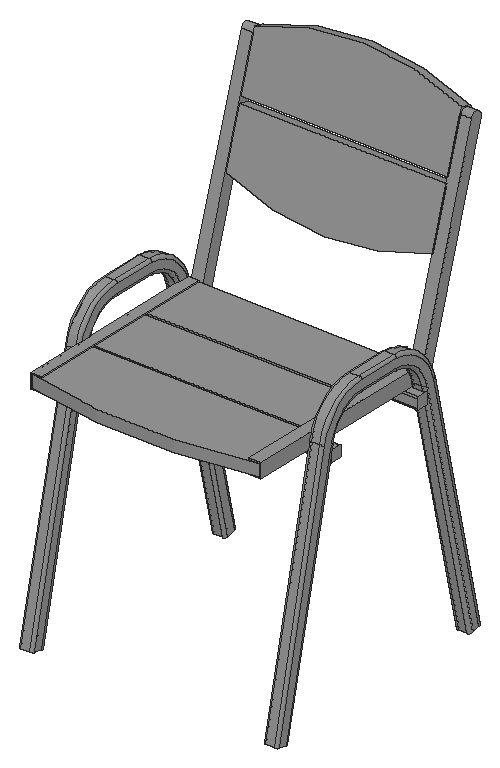
Revit family "Кресло «Петергоф» Арт 10266", category Антураж, Revit 2018
Family settings
  На основе рабочей плоскости = Нет
  Всегда вертикально = Да
  При загрузке вырезать с полостями = Нет
  Источник визуального образа = Геометрия семейства
  Общий = Нет
  Точка расчета площади = Нет
Parameters (values of type "Кресло «Петергоф»")
  Ширина = 500 mm  # constant formula
  Цвет опор = Сталь
  Цвет лавки = Дерево
  Описание = "Кресло «Петергоф»"  # constant formula
  Материал изделия = "Сталь, дерево"  # constant formula
  Type Comments = ""
  Type Image = Кресло «Петергоф» Арт 10266.jpg
  Изготовитель = "ООО «Хоббика»"  # constant formula
  Длина = 450 mm  # constant formula
  Группа модели = "Кресла садовые"  # constant formula
  Высота = 820 mm  # constant formula
  Артикул товара = "Арт. 10266"  # constant formula
  URL = "https://hobbyka.ru/product/kreslo_petergof/"
Reference planes
  plane 1 "По центру (Вперед/Назад)": y = 0
  plane 2: z = 0
  plane 3 "По центру (Влево/Вправо)": x = 0
  plane 4: x = 450
  plane 5: y = 500
  plane 6: z = 820
Forms (mm)
  Sweep 1, solid, material "Сталь" <- "Цвет опор"
    path origin (0, 0, 0) x (0, 1, 0) y (0, 0, 1)
      loop
        line (470.628, 0) -> (371.711, 428.459)
        arc (371.711, 428.459) -> (340.734, 478.164) -> (285.77, 498.392) r 90.259
        line (285.77, 498.392) -> (210.77, 498.392)
        arc (210.77, 498.392) -> (155.77, 478.373) -> (126.505, 427.685) r 85.565
        line (126.505, 427.685) -> (27.766, 0)
    profile origin (0, 248.27, 498.392) x (0, 0, -1) y (1, 0, 0)
      loop
        arc (0, 5) -> (1.464, 1.464) -> (5, 0) r 5
        line (5, 0) -> (20, 0)
        arc (20, 0) -> (23.536, 1.464) -> (25, 5) r 5
        line (25, 5) -> (25, 20)
        arc (25, 20) -> (23.536, 23.536) -> (20, 25) r 5
        line (20, 25) -> (5, 25)
        arc (5, 25) -> (1.464, 23.536) -> (0, 20) r 5
        line (0, 20) -> (0, 5)
      loop
        arc (0, 430) -> (1.464, 426.464) -> (5, 425) r 5
        line (5, 425) -> (20, 425)
        arc (20, 425) -> (23.536, 426.464) -> (25, 430) r 5
        line (25, 430) -> (25, 445)
        arc (25, 445) -> (23.536, 448.536) -> (20, 450) r 5
        line (20, 450) -> (5, 450)
        arc (5, 450) -> (1.464, 448.536) -> (0, 445) r 5
        line (0, 445) -> (0, 430)
  Extrusion 2, solid, material "Сталь" <- "Цвет опор"
    sketch origin (0, 0, -5) x (0, 1, 0) y (0, 0, 1)
      loop
        line (352.609, 400.541) -> (352.609, 416.541)
        arc (352.609, 416.541) -> (352.023, 417.955) -> (350.609, 418.541) r 2
        line (350.609, 418.541) -> (334.609, 418.541)
        arc (334.609, 418.541) -> (333.195, 417.955) -> (332.609, 416.541) r 2
        line (332.609, 416.541) -> (332.609, 400.541)
        arc (332.609, 400.541) -> (333.195, 399.126) -> (334.609, 398.541) r 2
        line (334.609, 398.541) -> (350.609, 398.541)
        arc (350.609, 398.541) -> (352.023, 399.126) -> (352.609, 400.541) r 2
      loop
        line (165.109, 400.541) -> (165.109, 416.541)
        arc (165.109, 416.541) -> (164.523, 417.955) -> (163.109, 418.541) r 2
        line (163.109, 418.541) -> (147.109, 418.541)
        arc (147.109, 418.541) -> (145.695, 417.955) -> (145.109, 416.541) r 2
        line (145.109, 416.541) -> (145.109, 400.541)
        arc (145.109, 400.541) -> (145.695, 399.126) -> (147.109, 398.541) r 2
        line (147.109, 398.541) -> (163.109, 398.541)
        arc (163.109, 398.541) -> (164.523, 399.126) -> (165.109, 400.541) r 2
    from 0 to 450
  Extrusion 3, solid, material "Сталь" <- "Цвет опор"
    sketch origin (0, 0, 0) x (1, 0, 0) y (0, 0, 1)
      loop
        line (25, 413.541) -> (45, 413.541) -> (45, 415.541) -> (27, 415.541) -> (27, 436.541) -> (45, 436.541) -> (45, 438.541) -> (25, 438.541) -> (25, 413.541)
      loop
        line (425, 413.541) -> (425, 438.541) -> (405, 438.541) -> (405, 436.541) -> (423, 436.541) -> (423, 415.541) -> (405, 415.541) -> (405, 413.541) -> (425, 413.541)
    from -22.776 to -363.885
  Extrusion 4, solid, material "Дерево" <- "Цвет лавки"
    sketch origin (0, 0, 0) x (1, 0, 0) y (0, 1, 0)
      loop
        line (27, 363.885) -> (27, 252.682) -> (423, 252.682) -> (423, 363.885) -> (27, 363.885)
      loop
        arc (27, 22.776) -> (225, 0) -> (423, 22.776) r 872.021
        line (423, 22.776) -> (423, 133.979) -> (27, 133.979) -> (27, 22.776)
      loop
        line (27, 247.682) -> (27, 138.979) -> (423, 138.979) -> (423, 247.682) -> (27, 247.682)
    from 415.541 to 436.541
  Extrusion 5, solid, material "Сталь" <- "Цвет опор"
    sketch origin (0, 0, 0) x (0, 1, 0) y (0, 0, 1)
      loop
        arc (500, 767.352) -> (493.455, 779.888) -> (480.918, 773.343) r 10
        line (480.918, 773.343) -> (361.098, 391.711) -> (380.18, 385.72) -> (500, 767.352)
    from 25 to 45
  Extrusion 6, solid, material "Сталь" <- "Цвет опор"
    sketch origin (0, 0, 0) x (0, 1, 0) y (0, 0, 1)
      loop
        arc (500, 767.352) -> (493.455, 779.888) -> (480.918, 773.343) r 10
        line (480.918, 773.343) -> (361.098, 391.711) -> (380.18, 385.72) -> (500, 767.352)
    from 405 to 425
  Extrusion 7, solid, material "Дерево" <- "Цвет лавки"
    sketch origin (0, 480.918, 773.343) x (0, -0.29955, -0.954081) y (1, 0, 0)
      loop
        arc (-10, 405) -> (-43.997, 225) -> (-10, 45) r 493.516
        line (-10, 45) -> (90, 45) -> (90, 405) -> (-10, 405)
      loop
        arc (200, 45) -> (233.997, 225) -> (200, 405) r 493.516
        line (200, 405) -> (100, 405) -> (100, 45) -> (200, 45)
    from 0 to -20
Dimensions and locks
  "Длина": plane 3 "По центру (Влево/Вправо)" to plane 4
  "Ширина": plane 5 to plane 1 "По центру (Вперед/Назад)"
  "Высота": plane 6 to plane 2
  aligned and locked: level to plane 2
Automatic sketch dimensions
  Sweep 1 sketch curve to level = 0 mm  (x2)
  Sweep 1 sketch curve to plane 1 "По центру (Вперед/Назад)" = 126.505 mm
  Sweep 1 sketch curve to Sweep 1 sketch curve = 84.265 mm
  Sweep 1 sketch curve to Sweep 1 sketch curve = 72.996 mm
  Sweep 1 sketch curve to Sweep 1 sketch curve = 75 mm
  Sweep 1 sketch curve to Sweep 1 sketch curve = 87.946 mm
  level to Sweep 1 sketch curve = 408.155 mm
  Sweep 1 sketch curve to Sweep 1 sketch curve = 4.672 mm
  Sweep 1 sketch curve to Sweep 1 sketch curve = 14.858 mm
  Sweep 1 sketch curve to plane 1 "По центру (Вперед/Назад)" = 27.766 mm
  Sweep 1 sketch curve to plane 5 = 29.372 mm
  Sweep 1 sketch curve to profile plane = 0 mm  (x2)
  Sweep 1 sketch curve to plane 3 "По центру (Влево/Вправо)" = 0 mm
  Sweep 1 sketch curve to profile plane = 5 mm  (x3)
  plane 3 "По центру (Влево/Вправо)" to Sweep 1 sketch curve = 5 mm  (x2)
  Sweep 1 sketch curve to Sweep 1 sketch curve = 15 mm  (x6)
  Sweep 1 sketch curve to Sweep 1 sketch curve = 5 mm
  Sweep 1 sketch curve to Sweep 1 sketch curve = 400 mm
  Extrusion 2 sketch curve to plane 1 "По центру (Вперед/Назад)" = 145.109 mm
  Extrusion 2 sketch curve to Extrusion 2 sketch curve = 2 mm  (x7)
  Extrusion 2 sketch curve to Extrusion 2 sketch curve = 16 mm  (x6)
  Extrusion 2 sketch curve to plane 5 = 167.391 mm
  level to Extrusion 2 sketch curve = 393.541 mm
  plane 3 "По центру (Влево/Вправо)" to Extrusion 3 sketch curve = 25 mm
  Extrusion 3 sketch curve to Extrusion 3 sketch curve = 2 mm  (x6)
  Extrusion 3 sketch curve to Extrusion 3 sketch curve = 18 mm  (x3)
  Extrusion 3 sketch curve to plane 4 = 45 mm
  Extrusion 3 sketch curve to Extrusion 3 sketch curve = 0 mm  (x2)
  Extrusion 3 sketch curve to plane 6 = 406.459 mm
  Extrusion 3 sketch curve to Extrusion 3 sketch curve = 21 mm  (x2)
  plane 3 "По центру (Влево/Вправо)" to Extrusion 4 sketch curve = 27 mm  (x2)
  Extrusion 4 sketch curve to Extrusion 4 sketch curve = 0 mm  (x2)
  plane 3 "По центру (Влево/Вправо)" to Extrusion 4 sketch curve = 225 mm
  Extrusion 4 sketch curve to plane 4 = 27 mm  (x2)
  Extrusion 4 sketch curve to plane 1 "По центру (Вперед/Назад)" = 22.776 mm
  Extrusion 4 sketch curve to Extrusion 4 sketch curve = 111.203 mm  (x2)
  Extrusion 4 sketch curve to Extrusion 4 sketch curve = 5 mm  (x2)
  Extrusion 4 sketch curve to Extrusion 4 sketch curve = 108.703 mm
  plane 5 to Extrusion 4 sketch curve = 372.021 mm
  Extrusion 5 sketch curve to plane 5 = 0 mm
  Extrusion 5 sketch curve to plane 5 = 9.541 mm
  Extrusion 5 sketch curve to Extrusion 5 sketch curve = 9.541 mm
  Extrusion 5 sketch curve to plane 5 = 119.82 mm
  Extrusion 5 sketch curve to Extrusion 5 sketch curve = 19.082 mm
  level to Extrusion 5 sketch curve = 385.72 mm
  Extrusion 5 sketch curve to Extrusion 5 sketch curve = 5.991 mm
  Extrusion 6 sketch curve to plane 5 = 0 mm
  Extrusion 6 sketch curve to plane 5 = 9.541 mm
  Extrusion 6 sketch curve to Extrusion 6 sketch curve = 9.541 mm
  Extrusion 6 sketch curve to plane 5 = 119.82 mm
  Extrusion 6 sketch curve to Extrusion 6 sketch curve = 19.082 mm
  level to Extrusion 6 sketch curve = 385.72 mm
  Extrusion 6 sketch curve to Extrusion 6 sketch curve = 5.991 mm
  Extrusion 7 sketch curve to Extrusion 6 = 0 mm  (x2)
  Extrusion 7 sketch curve to Extrusion 6 = 200 mm
  Extrusion 6 to Extrusion 7 sketch curve = 200 mm
  Extrusion 7 sketch curve to Extrusion 6 = 10 mm  (x2)
  Extrusion 7 sketch curve to Extrusion 6 = 259.519 mm
  Extrusion 6 to Extrusion 7 sketch curve = 49.519 mm
  Extrusion 7 sketch curve to Extrusion 7 sketch curve = 180 mm
  Extrusion 6 to Extrusion 7 sketch curve = 90 mm
  Extrusion 7 sketch curve to Extrusion 7 sketch curve = 10 mm
  Extrusion 7 sketch curve to Extrusion 7 sketch curve = 0 mm
